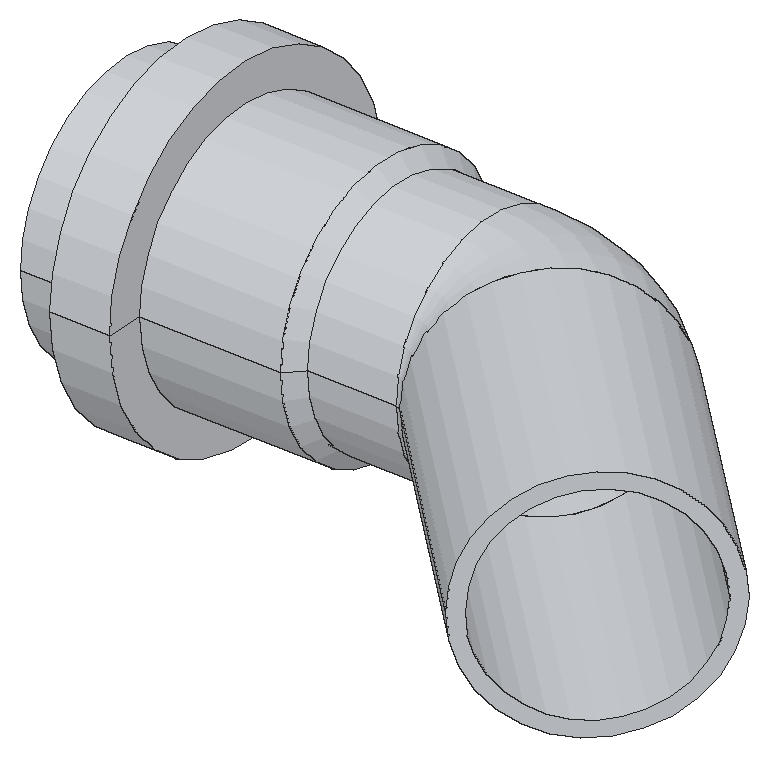
Revit family "Cot", category Pipe Fittings, Revit 2019
Family settings
  Round Connector Dimension = Use Diameter
  Part Type = Elbow
  OmniClass Number = 23.60.30.11.14
  OmniClass Title = Pipework Fittings
  Work Plane-Based = No
  Always vertical = No
  Cut with Voids When Loaded = No
  Shared = No
Parameters
  Unghi [instance] = 45.00°
  URL = "https://www.teraplast.ro/"
  Revizie [instance] = 1
  Material [instance] = PP (Polipropilena)
  Manufacturer = "Teraplast"
  LookupTable [instance] = "Cot-PP"
  Lm [instance] = size_lookup(LookupTable, "Lm", 0.00 mm, Unghi, D)  # 36.00 mm
  L2 [instance] = size_lookup(LookupTable, "L2", 0.00 mm, Unghi, D)  # 51.00 mm
  L1 [instance] = size_lookup(LookupTable, "L1", 0.00 mm, Unghi, D)  # 56.00 mm
  Grosime [instance] = 2.00 mm
  Garnitura [instance] = 1
  Dint [instance] = D - Grosime * 2  # 28.00 mm
  Description = "Sistem de tevi si fitinguri din PP pentru canalizari interioare."
  D [instance] = 32.00 mm
  Cod Articol Teraplast [instance] = size_lookup(LookupTable, "", "", Unghi, D)  # "FPPCT032XXX45IGR"
  A2 [instance] = D / 2 + 1.00 mm  # 17.00 mm
  A1 [instance] = A2 * tan(Unghi / 2)  # 7.042 mm
Reference planes
  plane 1 "Center (Front/Back)": y = 0
  plane 2: z = 0
  plane 3 "Center (Left/Right)": x = 0
  plane 4: x = -56
  plane 5: y = -16
  plane 6: y = 16
  plane 7: x = -20
  plane 8: x = -7.042
  plane 9: y = -17
Forms (mm)
  Sweep 1, solid
    path origin (0, 0, 0) x (1, 0, 0) y (0, 1, 0)
      loop
        line (-56, 0) -> (-7.042, 0)
        arc (-7.042, 0) -> (-0.536, -1.294) -> (4.979, -4.979) r 17
        line (4.979, -4.979) -> (36.062, -36.062)
    profile origin (-31.521, 0, 0) x (0, 1, 0) y (0, 0, 1)
      loop
        circle (0, 0) r 14
      loop
        circle (0, 0) r 16
  Revolve 2, solid
    sketch origin (0, 0, 0) x (1, 0, 0) y (0, 1, 0)
      loop
        line (-56, -18) -> (-48, -18) -> (-48, -23) -> (-40, -23) -> (-40, -18) -> (-21, -18) -> (-19, -16) -> (-56, -16) -> (-56, -18)
      axis (-19, 0) -> (-56, 0)
    angle from 0 to 360
  Revolve 3, void
    sketch origin (0, 0, 0) x (1, 0, 0) y (0, 1, 0)
      loop
        line (-56, -16) -> (-20, -16) -> (-20, -14) -> (-56, -14) -> (-56, -16)
      axis (-20, 0) -> (-56, 0)
    angle from 0 to 360
Cuts and joins
  Revolve 3 cuts Revolve 2
  Revolve 3 cuts Sweep 1
Lines and regions (mm)
  reference lines
    curve 1: line (-7.042, -17, 0) -> (275.79, 265.832, 0)
    curve 2: line (0, 0, 0) -> (197.99, -197.99, 0)
Dimensions and locks
  equal spacing: plane 5, plane 1 "Center (Front/Back)", plane 6
  "D": plane 5 to plane 6
  "Lm": plane 4 to plane 7
  "L1": plane 4 to plane 3 "Center (Left/Right)"
  "A1": plane 8 to plane 3 "Center (Left/Right)"
  "A2": plane 9 to plane 1 "Center (Front/Back)"
  "L2": curve 2 to Sweep 1 sketch curve
  "Grosime": Revolve 2 sketch curve to Revolve 2 sketch curve
  plane 4 to Revolve 2 sketch curve = 8.00 mm
  Revolve 2 sketch curve to Revolve 2 sketch curve = 8.00 mm
  Revolve 2 sketch curve to Revolve 2 sketch curve = 5.00 mm
  equal spacing: Revolve 2 sketch curve, plane 7, Revolve 2 sketch curve
  "Grosime": plane 5 to Revolve 3 sketch curve
  "D": diameter of Sweep 1 sketch curve
  "Dint": diameter of Sweep 1 sketch curve
  "Unghi": angle curve 2 to plane 1 "Center (Front/Back)"
  "Unghi": angle curve 1 to plane 3 "Center (Left/Right)"
  angle Revolve 2 sketch curve to Revolve 2 sketch curve = 45.00°
  aligned and locked: level to plane 2
  aligned and locked: plane 4 to Sweep 1 sketch curve
  aligned and locked: curve 2 to Sweep 1 sketch curve
  aligned and locked: plane 1 "Center (Front/Back)" to Sweep 1 sketch curve
  aligned and locked: curve 1 to Sweep 1 sketch curve
  aligned and locked: plane 9 to curve 1
  aligned and locked: plane 8 to curve 1
  aligned and locked: plane 8 to Sweep 1 sketch curve
  aligned and locked: Revolve 2 sketch curve to plane 5
  aligned and locked: Revolve 2 sketch curve to plane 4
  aligned and locked: Revolve 2 sketch curve to Revolve 2 sketch curve
  aligned and locked: plane 5 to Revolve 3 sketch curve
  aligned and locked: Revolve 3 sketch curve to Sweep 1
  aligned and locked: Revolve 3 sketch curve to plane 7
Automatic sketch dimensions
  Sweep 1 sketch curve to Sweep 1 sketch curve = 0.00 mm  (x2)
  Sweep 1 sketch curve to level = 0.00 mm
  Sweep 1 sketch curve to profile plane = 0.00 mm
  plane 1 "Center (Front/Back)" to curve 2 = 0.00 mm
  curve 2 to plane 3 "Center (Left/Right)" = 0.00 mm
  Revolve 2 sketch curve to plane 1 "Center (Front/Back)" = 0.00 mm
  Revolve 2 sketch curve to plane 4 = 1942.00 mm
  plane 3 "Center (Left/Right)" to Revolve 2 sketch curve = 2000.00 mm
  Revolve 3 sketch curve to plane 1 "Center (Front/Back)" = 0.00 mm
  Revolve 3 sketch curve to plane 4 = 1938.00 mm
  plane 3 "Center (Left/Right)" to Revolve 3 sketch curve = 2000.00 mm
Connectors
  piping at (-20, 0, 0), diameter 32, driven by "D", driven by "Unghi"
    settings: on Revolve 3, index 1, connector inside diameter 609.6 mm, connector length 0.00 mm, flow factor 0, pipe flow 0.0 L/s, pressure drop 0.0 Pa, fitting loss kfactor 0, connector angle 45.00°, fixture units 0, engagement length 0.00 mm, angle of deflection 0.00°, flow configuration 0, flow direction 0, fitting loss method 0, system type 16, joint type 0, gender type 0, connector reference index 2, connector utility 0, adjustable connector no, is connector primary yes, connector description ""
  piping at (36.062, -36.062, 0), diameter 32, driven by "D", driven by "Unghi"
    settings: on Sweep 1, index 2, connector inside diameter 609.6 mm, connector length 0.00 mm, flow factor 0, pipe flow 0.0 L/s, pressure drop 0.0 Pa, fitting loss kfactor 0, connector angle 45.00°, fixture units 0, engagement length 0.00 mm, angle of deflection 0.00°, flow configuration 0, flow direction 0, fitting loss method 0, system type 16, joint type 0, gender type 0, connector reference index 1, connector utility 0, adjustable connector no, is connector primary no, connector description ""
